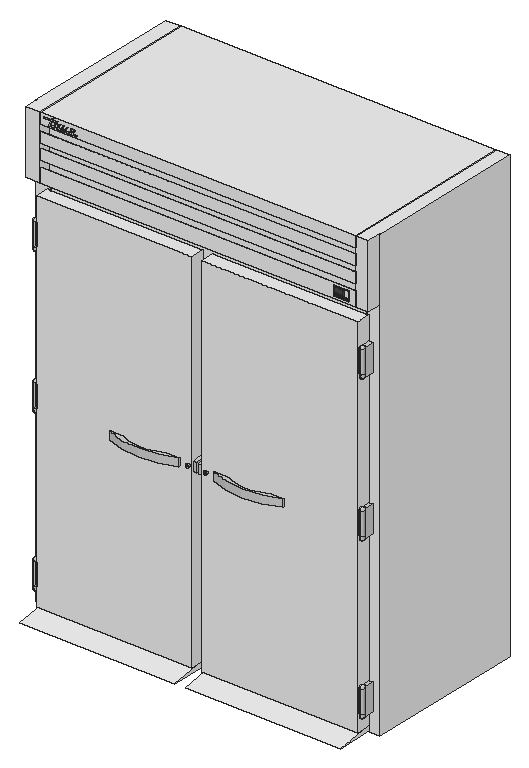
Revit family
Parameters
  Weight in Pounds = 0
  Watts = Volts * FL Amps  # 1357 W
  Volts = 115 V
  URL Cutsheet = "www.truemfg.com"
  URL = "www.truemfg.com"
  Type Mark [instance] = ""
  Type Comments = ""
  Status [instance] = ""
  Specification by User [instance] = ""
  Specification by Manufacturer = ""
  Show Logo [instance] = yes
  Show Clearance [instance] = yes
  Serial Number = ""
  Seismic Rating = ""
  SMACNA No = ""
  Revision Code [instance] = ""
  Phase = 1
  Omniclass Number and Title = ""
  Number of Poles [instance] = 1
  NAFEM Spec ID Number = ""
  Model = "STA2RRI89-2S"
  Min Ckt Ampacity = 0 A
  Max Overcurrent Protection = 0 A
  Masterspec = ""
  Manufacturer = "TRUE FOOD SERVICE EQUIPMENT, INC."
  Length = 68"
  Item Number [instance] = ""
  Installed By [instance] = ""
  Identify Quantity as Lot [instance] = yes
  Height = 88 3/4"
  HP = "1/2"
  Furnished By [instance] = ""
  Foodservice Equipment Identifier [instance] = yes
  FL Amps = 11.8 A
  Electrical Remarks [instance] = ""
  Electric Connection Type [instance] = ""
  Elec Conn RI Height [instance] = 0"
  Elec Conn Connection Height [instance] = 0"
  Description = "Roll-in Solid Swing Door Refrigerator"
  Depth = 34 3/4"
  Cycle = 60 Hz
  Conn Plug = "5-15P"
  Conn Conduit = yes
  CSI MasterFormat = ""
  CSI Master Format = ""
  Apparent Power = if(Phase = 3, Volts * FL Amps * 1.73, Volts * FL Amps)  # 1357 VA
Reference planes (in)
  plane 1 "BACK": y = 0
  plane 2: z = 0
  plane 3 "LEFT": x = 0
  plane 4 "RIGHT": x = 68
  plane 5 "FRONT": y = -34.75
  plane 6 "TOP": z = 88.75
  plane 7: x = 2.84375
  plane 8: y = -34.7042
  plane 9: x = 34
  plane 10: z = 73.75
Forms (in)
  Extrusion 1, solid, material "QF_Finishes_Chrome - Satin"
    sketch origin (0.05, 0, 0) x (1, 0, 0) y (0, 1, 0)
      loop
        line (-0.05, 0) -> (-0.05, -32) -> (2.87859, -32) -> (2.87859, 0) -> (-0.05, 0)
    from 0 to 88.75
  Extrusion 2, solid, material "QF_Finishes_Chrome - Satin"
    sketch origin (50.15, 0, 0) x (1, 0, 0) y (0, 1, 0)
      loop
        line (15.15, 0) -> (15.15, -32) -> (17.85, -32) -> (17.85, 0) -> (15.15, 0)
    from 0 to 88.75
  Extrusion 3, solid, material "QF_Finishes_Chrome - Satin"
    sketch origin (0, 0, 0) x (0, 1, 0) y (0, 0, 1)
      loop
        line (-34.7042, 76.28125) -> (-32, 76.28125) -> (-32, 0) -> (0, 0) -> (0, 88.75) -> (-34.7042, 88.75) -> (-34.7042, 86.65578) -> (-32.5, 85.08852) -> (-32.5, 83.96625) -> (-34.7042, 85.53351) -> (-34.7042, 83.3998) -> (-32.5, 81.83254) -> (-32.5, 80.87178) -> (-34.7042, 82.43904) -> (-34.7042, 80.34284) -> (-32.5, 78.77557) -> (-32.5, 77.5) -> (-34.7042, 79.06726) -> (-34.7042, 76.28125)
    from 2.92859 to 65.3
  Extrusion 4, solid, material "QF_Finishes_Chrome - Satin"
    sketch origin (0, 0, 0) x (1, 0, 0) y (0, 1, 0)
      loop
        line (67.84782, -32) -> (65.3, -32) -> (65.3, -34.75) -> (67.84782, -34.75) -> (67.84782, -32)
    from 76.28125 to 88.75
  Extrusion 5, solid, material "QF_Finishes_Chrome - Satin"
    sketch origin (-50.125, 0, 0.25) x (1, 0, 0) y (0, 1, 0)
      loop
        line (53.05359, -32) -> (50.24109, -32) -> (50.24109, -34.75) -> (53.05359, -34.75) -> (53.05359, -32)
    from 76.03125 to 88.5
  Extrusion 6, solid, material "QF_Finishes_Chrome - Satin"
    sketch origin (8.03125, -1, -0.71875) x (1, 0, 0) y (0, 0, 1)
      loop
        line (26.96875, 1.71875) -> (57.65625, 1.71875) -> (57.65625, 74.46875) -> (26.96875, 74.46875) -> (26.96875, 1.71875)
    from 31 to 33.75
  Extrusion 7, solid, material "QF_Finishes_Handrails and Railings"
    sketch origin (91.34375, -0.25, 24.93519) x (1, 0, 0) y (0, 1, 0)
      loop
        line (-53.875, -34.5) -> (-53.875, -34.7)
        arc (-53.875, -34.7) -> (-47.075, -36.14405) -> (-40.275, -34.7) r 16.7325
        line (-40.275, -34.7) -> (-40.275, -34.5) -> (-42.675, -34.5)
        arc (-42.675, -34.5) -> (-47.075, -35.65816) -> (-51.475, -34.5) r 8.93715
        line (-51.475, -34.5) -> (-53.875, -34.5)
    from 10.87731 to 12.37731
  Extrusion 8, solid, material "QF_Finishes_Handrails and Railings"
    sketch origin (9.34375, -1.08467, -3.5) x (1, 0, 0) y (0, 0, 1)
      loop
        circle (26.4375, 40.0625) r 0.35
      loop
        line (26.47265, 40.33635) -> (26.41715, 40.33635) -> (26.41715, 39.76895) -> (26.47265, 39.76895) -> (26.47265, 40.33635)
    from 33.5 to 33.83066
  Extrusion 9, solid, material "QF_Finishes_Handrails and Railings", visible <- "Show Logo"
    sketch origin (0.33478, 0.06376, 5.17482) x (1, 0, 0) y (0, 0, 1)
      loop
        line (3.46044, 83.08731) -> (3.35478, 82.86073) -> (4.76027, 82.86073)
        arc (4.76027, 82.86073) -> (4.78879, 82.81028) -> (4.76027, 82.75984) r 0.05887
        line (4.76027, 82.75984) -> (4.39369, 81.97372)
        arc (4.39369, 81.97372) -> (4.39051, 81.90091) -> (4.43975, 81.84717) r 0.09523
        line (4.43975, 81.84717) -> (5.33844, 81.84717)
        arc (5.33844, 81.84717) -> (5.45192, 81.88295) -> (5.52436, 81.97735) r 0.19785
        line (5.52436, 81.97735) -> (5.81285, 82.59601) -> (6.0779, 82.59601)
        arc (6.0779, 82.59601) -> (6.14744, 82.57043) -> (6.13737, 82.49703) r 0.05911
        line (6.13737, 82.49703) -> (5.89598, 81.97937)
        arc (5.89598, 81.97937) -> (5.89974, 81.8934) -> (5.97231, 81.84717) r 0.09318
        line (5.97231, 81.84717) -> (6.76198, 81.84717)
        arc (6.76198, 81.84717) -> (6.82249, 81.86919) -> (6.85468, 81.92495) r 0.09412
        arc (6.85468, 81.92495) -> (6.87746, 81.86995) -> (6.93246, 81.84717) r 0.07778
        line (6.93246, 81.84717) -> (7.43246, 81.84717)
        arc (7.43246, 81.84717) -> (7.49022, 81.86265) -> (7.53251, 81.90493) r 0.11552
        arc (7.53251, 81.90493) -> (7.55275, 81.85606) -> (7.60162, 81.83581) r 0.06912
        line (7.60162, 81.83581) -> (8.31225, 81.83581)
        arc (8.31225, 81.83581) -> (8.37034, 81.85988) -> (8.39441, 81.91797) r 0.08216
        arc (8.39441, 81.91797) -> (8.44767, 81.86472) -> (8.52042, 81.84522) r 0.14551
        line (8.52042, 81.84522) -> (9.85158, 81.84522) -> (9.99946, 82.10134) -> (8.65678, 82.10134)
        arc (8.65678, 82.10134) -> (8.61972, 82.12704) -> (8.61834, 82.17211) r 0.05009
        line (8.61834, 82.17211) -> (8.64157, 82.22192)
        arc (8.64157, 82.22192) -> (8.67723, 82.26864) -> (8.73327, 82.28635) r 0.09747
        line (8.73327, 82.28635) -> (9.16485, 82.28635)
        arc (9.16485, 82.28635) -> (9.258, 82.31131) -> (9.32619, 82.3795) r 0.1863
        line (9.32619, 82.3795) -> (9.45119, 82.59601)
        arc (9.45119, 82.59601) -> (9.45119, 82.71157) -> (9.35111, 82.76934) r 0.11556
        line (9.35111, 82.76934) -> (8.89562, 82.76934)
        arc (8.89562, 82.76934) -> (8.7795, 82.74962) -> (8.69849, 82.66412) r 0.18605
        line (8.69849, 82.66412) -> (8.48204, 82.19993)
        arc (8.48204, 82.19993) -> (8.41815, 82.11667) -> (8.31806, 82.08511) r 0.1745
        line (8.31806, 82.08511) -> (7.84559, 82.08511)
        arc (7.84559, 82.08511) -> (7.78903, 82.14684) -> (7.79268, 82.23048) r 0.10939
        line (7.79268, 82.23048) -> (8.04395, 82.76934) -> (7.88403, 82.76934) -> (7.61781, 82.19844)
        arc (7.61781, 82.19844) -> (7.56609, 82.13103) -> (7.48505, 82.10548) r 0.14128
        line (7.48505, 82.10548) -> (7.15925, 82.10548)
        arc (7.15925, 82.10548) -> (7.10419, 82.17723) -> (7.116, 82.26689) r 0.11816
        line (7.116, 82.26689) -> (7.3503, 82.76934) -> (7.18514, 82.76934) -> (6.91546, 82.191)
        arc (6.91546, 82.191) -> (6.85285, 82.12839) -> (6.76733, 82.10548) r 0.17104
        line (6.76733, 82.10548) -> (6.29555, 82.10548)
        arc (6.29555, 82.10548) -> (6.21082, 82.14499) -> (6.20267, 82.23813) r 0.0935
        line (6.20267, 82.23813) -> (6.35774, 82.57069) -> (6.57695, 82.57069)
        arc (6.57695, 82.57069) -> (6.61395, 82.68217) -> (6.69267, 82.76934) r 0.2857
        line (6.69267, 82.76934) -> (5.83605, 82.76934)
        arc (5.83605, 82.76934) -> (5.74086, 82.74824) -> (5.67498, 82.67635) r 0.16212
        line (5.67498, 82.67635) -> (5.44279, 82.17841)
        arc (5.44279, 82.17841) -> (5.3894, 82.12502) -> (5.31647, 82.10548) r 0.14586
        line (5.31647, 82.10548) -> (4.80506, 82.10548)
        arc (4.80506, 82.10548) -> (4.76514, 82.15942) -> (4.77274, 82.22609) r 0.09155
        line (4.77274, 82.22609) -> (5.11018, 82.86073) -> (5.96155, 82.86073) -> (6.06721, 83.08731) -> (5.21584, 83.08731) -> (5.32149, 83.31388) -> (5.01862, 83.31388) -> (4.91297, 83.08731) -> (3.46044, 83.08731)
      loop
        arc (8.83805, 82.56363) -> (8.80119, 82.55375) -> (8.7742, 82.52676) r 0.07373
        line (8.7742, 82.52676) -> (8.75229, 82.45936)
        arc (8.75229, 82.45936) -> (8.76245, 82.43483) -> (8.78699, 82.42466) r 0.0347
        line (8.78699, 82.42466) -> (9.15948, 82.42466)
        arc (9.15948, 82.42466) -> (9.18632, 82.43061) -> (9.20812, 82.44734) r 0.0635
        line (9.20812, 82.44734) -> (9.22624, 82.53122)
        arc (9.22624, 82.53122) -> (9.22091, 82.55368) -> (9.20009, 82.56363) r 0.02676
        line (9.20009, 82.56363) -> (8.83805, 82.56363)
    from 34.76797 to 34.83173
  Extrusion 10, solid, material "QF_Finishes_White"
    sketch origin (-22.74812, 0.0458, -7.83472) x (1, 0, 0) y (0, 0, 1)
      loop
        line (83.81732, 86.35727) -> (83.81732, 84.60996) -> (86.72357, 84.60996) -> (86.72357, 86.35727) -> (83.81732, 86.35727)
    from 34.75 to 34.76797
  Extrusion 11, solid, material "QF_Finishes_Black"
    sketch origin (-22.74812, 0.0458, -7.83472) x (1, 0, 0) y (0, 0, 1)
      loop
        line (86.78607, 86.41977) -> (83.75482, 86.41977) -> (83.75482, 84.54746) -> (86.78607, 84.54746) -> (86.78607, 86.41977)
      loop
        spline (83.95482, 84.87872) -> (83.96333, 84.86254) -> (83.98831, 84.84747) -> (84.02804, 84.83452) -> (84.07982, 84.82459) -> (84.14011, 84.81835) -> (84.20482, 84.81622) -> (84.26952, 84.81835) -> (84.32982, 84.82459) -> (84.38159, 84.83452) -> (84.42132, 84.84747) -> (84.4463, 84.86254) -> (84.45482, 84.87872)
        spline (84.45482, 84.87872) -> (84.4463, 84.89489) -> (84.42132, 84.90997) -> (84.38159, 84.92291) -> (84.32982, 84.93284) -> (84.26952, 84.93909) -> (84.20482, 84.94122) -> (84.14011, 84.93909) -> (84.07982, 84.93284) -> (84.02804, 84.92291) -> (83.98831, 84.90997) -> (83.96333, 84.89489) -> (83.95482, 84.87872)
      loop
        spline (84.65083, 84.87872) -> (84.65935, 84.86254) -> (84.68432, 84.84747) -> (84.72405, 84.83452) -> (84.77583, 84.82459) -> (84.83612, 84.81835) -> (84.90083, 84.81622) -> (84.96553, 84.81835) -> (85.02583, 84.82459) -> (85.07761, 84.83452) -> (85.11734, 84.84747) -> (85.14231, 84.86254) -> (85.15083, 84.87872)
        spline (85.15083, 84.87872) -> (85.14231, 84.89489) -> (85.11734, 84.90997) -> (85.07761, 84.92291) -> (85.02583, 84.93284) -> (84.96553, 84.93909) -> (84.90083, 84.94122) -> (84.83612, 84.93909) -> (84.77583, 84.93284) -> (84.72405, 84.92291) -> (84.68432, 84.90997) -> (84.65935, 84.89489) -> (84.65083, 84.87872)
      loop
        spline (85.40083, 84.87872) -> (85.40935, 84.86254) -> (85.43432, 84.84747) -> (85.47405, 84.83452) -> (85.52583, 84.82459) -> (85.58612, 84.81835) -> (85.65083, 84.81622) -> (85.71553, 84.81835) -> (85.77583, 84.82459) -> (85.82761, 84.83452) -> (85.86734, 84.84747) -> (85.89231, 84.86254) -> (85.90083, 84.87872)
        spline (85.90083, 84.87872) -> (85.89231, 84.89489) -> (85.86734, 84.90997) -> (85.82761, 84.92291) -> (85.77583, 84.93284) -> (85.71553, 84.93909) -> (85.65083, 84.94122) -> (85.58612, 84.93909) -> (85.52583, 84.93284) -> (85.47405, 84.92291) -> (85.43432, 84.90997) -> (85.40935, 84.89489) -> (85.40083, 84.87872)
      loop
        line (83.95481, 86.21978) -> (83.95481, 85.21978) -> (85.65433, 85.21978) -> (85.65433, 86.21978) -> (83.95481, 86.21978)
      loop
        line (86.72357, 86.35727) -> (83.81732, 86.35727) -> (83.81732, 84.60996) -> (86.72357, 84.60996) -> (86.72357, 86.35727)
      loop
        spline (86.15083, 84.87872) -> (86.15935, 84.86254) -> (86.18432, 84.84747) -> (86.22405, 84.83452) -> (86.27583, 84.82459) -> (86.33612, 84.81835) -> (86.40083, 84.81622) -> (86.46553, 84.81835) -> (86.52583, 84.82459) -> (86.57761, 84.83452) -> (86.61734, 84.84747) -> (86.64231, 84.86254) -> (86.65083, 84.87872)
        spline (86.65083, 84.87872) -> (86.64231, 84.89489) -> (86.61734, 84.90997) -> (86.57761, 84.92291) -> (86.52583, 84.93284) -> (86.46553, 84.93909) -> (86.40083, 84.94122) -> (86.33612, 84.93909) -> (86.27583, 84.93284) -> (86.22405, 84.92291) -> (86.18432, 84.90997) -> (86.15935, 84.89489) -> (86.15083, 84.87872)
    from 34.76797 to 34.80335
  Extrusion 12, solid
    sketch origin (-25.125, 0, 0) x (1, 0, 0) y (0, 0, 1)
      loop
        circle (89.875, 86.625) r 0.25
    from 0 to 0.0625
  Blend 13, solid, material "QF_Finishes_Handrails and Railings"
    base sketch origin (60.25, -1, -1.5) x (-1, 0, 0) y (0, 0, -1)
      loop
        line (25.25, -38.99169) -> (26, -38.99169) -> (26, -37.24169) -> (25.25, -37.24169) -> (25.25, -38.99169)
    top sketch origin (60.25, 0, -1.5) x (-1, 0, 0) y (0, 0, -1)
      loop
        line (26.18223, -36.6441) -> (25.25, -36.6441) -> (25.25, -39.42643) -> (26.18223, -39.42643) -> (26.18223, -36.6441)
    from 33.57883 to 32
  Extrusion 14, solid, material "QF_Finishes_Handrails and Railings"
    sketch origin (66.78125, 0, 0) x (0, 1, 0) y (0, 0, -1)
      loop
        line (-32, -69.17729) -> (-32, -63.86127) -> (-34.25, -63.86127) -> (-34.25, -64.57348) -> (-33.81497, -64.57348) -> (-33.81497, -68.97276)
        arc (-33.81497, -68.97276) -> (-33.75506, -69.11738) -> (-33.61044, -69.17729) r 0.20453
        line (-33.61044, -69.17729) -> (-32, -69.17729)
    from 0.17506 to 1
  Revolve 15, solid, material "QF_Finishes_Handrails and Railings"
    sketch origin (66.28125, 0, 0) x (0, 1, 0) y (0, 0, -1)
      loop
        line (-34.26563, -64.62689) -> (-34.67229, -64.62689) -> (-34.67229, -69.0986)
        arc (-34.67229, -69.0986) -> (-34.53722, -69.35057) -> (-34.26563, -69.43983) r 0.3848
        line (-34.26563, -69.43983) -> (-34.26563, -64.62689)
      loop
        line (-34.26563, -64.57348) -> (-34.26563, -63.67281)
        arc (-34.26563, -63.67281) -> (-34.53264, -63.75883) -> (-34.67229, -64.00212) r 0.38884
        line (-34.67229, -64.00212) -> (-34.67229, -64.57348) -> (-34.26563, -64.57348)
      axis (-34.26563, -63.67281) -> (-34.26563, -69.43983)
    angle from 0 to 360
  Extrusion 16, solid, material "QF_Finishes_Handrails and Railings"
    sketch origin (27.5, -1.07734, 0.0011) x (-1, 0, 0) y (0, 0, -1)
      loop
        line (-38.58509, -69.0986) -> (-38.1875, -69.0986) -> (-38.1875, -64.62579) -> (-38.58509, -64.62579) -> (-38.58509, -69.0986)
    from 32.81497 to 33.59495
  Extrusion 17, solid, material "QF_Finishes_Handrails and Railings"
    sketch origin (66.78125, 0, -24) x (0, 1, 0) y (0, 0, -1)
      loop
        line (-32, -64.55229) -> (-32, -59.23627) -> (-34.25, -59.23627) -> (-34.25, -59.94848) -> (-33.81497, -59.94848) -> (-33.81497, -64.34776)
        arc (-33.81497, -64.34776) -> (-33.75506, -64.49238) -> (-33.61044, -64.55229) r 0.20453
        line (-33.61044, -64.55229) -> (-32, -64.55229)
    from 0.17506 to 1
  Revolve 18, solid, material "QF_Finishes_Handrails and Railings"
    sketch origin (66.28125, 0, -24) x (0, 1, 0) y (0, 0, -1)
      loop
        line (-34.26563, -60.00189) -> (-34.67229, -60.00189) -> (-34.67229, -64.4736)
        arc (-34.67229, -64.4736) -> (-34.53722, -64.72557) -> (-34.26563, -64.81483) r 0.3848
        line (-34.26563, -64.81483) -> (-34.26563, -60.00189)
      loop
        line (-34.26563, -59.94848) -> (-34.26563, -59.04781)
        arc (-34.26563, -59.04781) -> (-34.53264, -59.13383) -> (-34.67229, -59.37712) r 0.38884
        line (-34.67229, -59.37712) -> (-34.67229, -59.94848) -> (-34.26563, -59.94848)
      axis (-34.26563, -59.04781) -> (-34.26563, -64.81483)
    angle from 0 to 360
  Extrusion 19, solid, material "QF_Finishes_Handrails and Railings"
    sketch origin (27.5, -1.07734, -23.9989) x (-1, 0, 0) y (0, 0, -1)
      loop
        line (-38.58509, -64.4736) -> (-38.1875, -64.4736) -> (-38.1875, -60.00079) -> (-38.58509, -60.00079) -> (-38.58509, -64.4736)
    from 32.81497 to 33.59495
  Extrusion 20, solid, material "QF_Finishes_Handrails and Railings"
    sketch origin (66.78125, 0, -55.5) x (0, 1, 0) y (0, 0, -1)
      loop
        line (-32, -64.55229) -> (-32, -59.23627) -> (-34.25, -59.23627) -> (-34.25, -59.94848) -> (-33.81497, -59.94848) -> (-33.81497, -64.34776)
        arc (-33.81497, -64.34776) -> (-33.75506, -64.49238) -> (-33.61044, -64.55229) r 0.20453
        line (-33.61044, -64.55229) -> (-32, -64.55229)
    from 0.17506 to 1
  Revolve 21, solid, material "QF_Finishes_Handrails and Railings"
    sketch origin (66.28125, 0, -55.5) x (0, 1, 0) y (0, 0, -1)
      loop
        line (-34.26563, -60.00189) -> (-34.67229, -60.00189) -> (-34.67229, -64.4736)
        arc (-34.67229, -64.4736) -> (-34.53722, -64.72557) -> (-34.26563, -64.81483) r 0.3848
        line (-34.26563, -64.81483) -> (-34.26563, -60.00189)
      loop
        line (-34.26563, -59.94848) -> (-34.26563, -59.04781)
        arc (-34.26563, -59.04781) -> (-34.53264, -59.13383) -> (-34.67229, -59.37712) r 0.38884
        line (-34.67229, -59.37712) -> (-34.67229, -59.94848) -> (-34.26563, -59.94848)
      axis (-34.26563, -59.04781) -> (-34.26563, -64.81483)
    angle from 0 to 360
  Extrusion 22, solid, material "QF_Finishes_Handrails and Railings"
    sketch origin (27.5, -1.07734, -55.4989) x (-1, 0, 0) y (0, 0, -1)
      loop
        line (-38.58509, -64.4736) -> (-38.1875, -64.4736) -> (-38.1875, -60.00079) -> (-38.58509, -60.00079) -> (-38.58509, -64.4736)
    from 32.81497 to 33.59495
  Extrusion 23, solid, material "QF_Finishes_Chrome - Satin"
    sketch origin (65.6875, -1, 1) x (0, 0, 1) y (0, -1, 0)
      loop
        line (-1, 37.875) -> (-1, 31) -> (0, 31) -> (-1, 37.875)
    from 0 to -30.6875
  Extrusion 24, solid, material "QF_Finishes_Chrome - Satin"
    sketch origin (59.96875, -1, -0.71875) x (-1, 0, 0) y (0, 0, -1)
      loop
        line (26.96875, -1.71875) -> (26.96875, -74.46875) -> (57.65625, -74.46875) -> (57.65625, -1.71875) -> (26.96875, -1.71875)
    from 31 to 33.75
  Extrusion 25, solid, material "QF_Finishes_Handrails and Railings"
    sketch origin (-23.34375, -0.25, 24.93519) x (1, 0, 0) y (0, 1, 0)
      loop
        line (53.875, -34.5) -> (51.475, -34.5)
        arc (51.475, -34.5) -> (47.075, -35.65816) -> (42.675, -34.5) r 8.93715
        line (42.675, -34.5) -> (40.275, -34.5) -> (40.275, -34.7)
        arc (40.275, -34.7) -> (47.075, -36.14405) -> (53.875, -34.7) r 16.7325
        line (53.875, -34.7) -> (53.875, -34.5)
    from 10.87731 to 12.37731
  Extrusion 26, solid, material "QF_Finishes_Handrails and Railings"
    sketch origin (58.65625, -1.08467, -3.5) x (-1, 0, 0) y (0, 0, -1)
      loop
        circle (26.4375, -40.0625) r 0.35
      loop
        line (26.47265, -40.33635) -> (26.47265, -39.76895) -> (26.41715, -39.76895) -> (26.41715, -40.33635) -> (26.47265, -40.33635)
    from 33.5 to 33.83066
  Blend 27, solid, material "QF_Finishes_Handrails and Railings"
    base sketch origin (7.75, -1, -1.5) x (1, 0, 0) y (0, 0, 1)
      loop
        line (25.25, 38.99169) -> (25.25, 37.24169) -> (26, 37.24169) -> (26, 38.99169) -> (25.25, 38.99169)
    top sketch origin (7.75, 0, -1.5) x (1, 0, 0) y (0, 0, 1)
      loop
        line (26.18223, 36.6441) -> (26.18223, 39.42643) -> (25.25, 39.42643) -> (25.25, 36.6441) -> (26.18223, 36.6441)
    from 33.57883 to 32
  Extrusion 28, solid, material "QF_Finishes_Handrails and Railings"
    sketch origin (1.21875, 0, 0) x (0, 1, 0) y (0, 0, 1)
      loop
        line (-32, 69.17729) -> (-33.61044, 69.17729)
        arc (-33.61044, 69.17729) -> (-33.75506, 69.11738) -> (-33.81497, 68.97276) r 0.20453
        line (-33.81497, 68.97276) -> (-33.81497, 64.57348) -> (-34.25, 64.57348) -> (-34.25, 63.86127) -> (-32, 63.86127) -> (-32, 69.17729)
    from 0.17506 to 1
  Revolve 29, solid, material "QF_Finishes_Handrails and Railings"
    sketch origin (1.71875, 0, 0) x (0, 1, 0) y (0, 0, 1)
      loop
        line (-34.26563, 64.62689) -> (-34.26563, 69.43983)
        arc (-34.26563, 69.43983) -> (-34.53722, 69.35057) -> (-34.67229, 69.0986) r 0.3848
        line (-34.67229, 69.0986) -> (-34.67229, 64.62689) -> (-34.26563, 64.62689)
      loop
        line (-34.26563, 64.57348) -> (-34.67229, 64.57348) -> (-34.67229, 64.00212)
        arc (-34.67229, 64.00212) -> (-34.53264, 63.75883) -> (-34.26563, 63.67281) r 0.38884
        line (-34.26563, 63.67281) -> (-34.26563, 64.57348)
      axis (-34.26563, 63.67281) -> (-34.26563, 69.43983)
    angle from 0 to 360
  Extrusion 30, solid, material "QF_Finishes_Handrails and Railings"
    sketch origin (40.5, -1.07734, 0.0011) x (1, 0, 0) y (0, 0, 1)
      loop
        line (-38.58509, 69.0986) -> (-38.58509, 64.62579) -> (-38.1875, 64.62579) -> (-38.1875, 69.0986) -> (-38.58509, 69.0986)
    from 32.81497 to 33.59495
  Extrusion 31, solid, material "QF_Finishes_Handrails and Railings"
    sketch origin (1.21875, 0, -24) x (0, 1, 0) y (0, 0, 1)
      loop
        line (-32, 64.55229) -> (-33.61044, 64.55229)
        arc (-33.61044, 64.55229) -> (-33.75506, 64.49238) -> (-33.81497, 64.34776) r 0.20453
        line (-33.81497, 64.34776) -> (-33.81497, 59.94848) -> (-34.25, 59.94848) -> (-34.25, 59.23627) -> (-32, 59.23627) -> (-32, 64.55229)
    from 0.17506 to 1
  Revolve 32, solid, material "QF_Finishes_Handrails and Railings"
    sketch origin (1.71875, 0, -24) x (0, 1, 0) y (0, 0, 1)
      loop
        line (-34.26563, 60.00189) -> (-34.26563, 64.81483)
        arc (-34.26563, 64.81483) -> (-34.53722, 64.72557) -> (-34.67229, 64.4736) r 0.3848
        line (-34.67229, 64.4736) -> (-34.67229, 60.00189) -> (-34.26563, 60.00189)
      loop
        line (-34.26563, 59.94848) -> (-34.67229, 59.94848) -> (-34.67229, 59.37712)
        arc (-34.67229, 59.37712) -> (-34.53264, 59.13383) -> (-34.26563, 59.04781) r 0.38884
        line (-34.26563, 59.04781) -> (-34.26563, 59.94848)
      axis (-34.26563, 59.04781) -> (-34.26563, 64.81483)
    angle from 0 to 360
  Extrusion 33, solid, material "QF_Finishes_Handrails and Railings"
    sketch origin (40.5, -1.07734, -23.9989) x (1, 0, 0) y (0, 0, 1)
      loop
        line (-38.58509, 64.4736) -> (-38.58509, 60.00079) -> (-38.1875, 60.00079) -> (-38.1875, 64.4736) -> (-38.58509, 64.4736)
    from 32.81497 to 33.59495
  Extrusion 34, solid, material "QF_Finishes_Handrails and Railings"
    sketch origin (1.21875, 0, -55.5) x (0, 1, 0) y (0, 0, 1)
      loop
        line (-32, 64.55229) -> (-33.61044, 64.55229)
        arc (-33.61044, 64.55229) -> (-33.75506, 64.49238) -> (-33.81497, 64.34776) r 0.20453
        line (-33.81497, 64.34776) -> (-33.81497, 59.94848) -> (-34.25, 59.94848) -> (-34.25, 59.23627) -> (-32, 59.23627) -> (-32, 64.55229)
    from 0.17506 to 1
  Revolve 35, solid, material "QF_Finishes_Handrails and Railings"
    sketch origin (1.71875, 0, -55.5) x (0, 1, 0) y (0, 0, 1)
      loop
        line (-34.26563, 60.00189) -> (-34.26563, 64.81483)
        arc (-34.26563, 64.81483) -> (-34.53722, 64.72557) -> (-34.67229, 64.4736) r 0.3848
        line (-34.67229, 64.4736) -> (-34.67229, 60.00189) -> (-34.26563, 60.00189)
      loop
        line (-34.26563, 59.94848) -> (-34.67229, 59.94848) -> (-34.67229, 59.37712)
        arc (-34.67229, 59.37712) -> (-34.53264, 59.13383) -> (-34.26563, 59.04781) r 0.38884
        line (-34.26563, 59.04781) -> (-34.26563, 59.94848)
      axis (-34.26563, 59.04781) -> (-34.26563, 64.81483)
    angle from 0 to 360
  Extrusion 36, solid, material "QF_Finishes_Handrails and Railings"
    sketch origin (40.5, -1.07734, -55.4989) x (1, 0, 0) y (0, 0, 1)
      loop
        line (-38.58509, 64.4736) -> (-38.58509, 60.00079) -> (-38.1875, 60.00079) -> (-38.1875, 64.4736) -> (-38.58509, 64.4736)
    from 32.81497 to 33.59495
  Extrusion 37, solid, material "QF_Finishes_Chrome - Satin"
    sketch origin (2.3125, -1, 1) x (0, 0, 1) y (0, 1, 0)
      loop
        line (-1, -37.875) -> (0, -31) -> (-1, -31) -> (-1, -37.875)
    from 0 to -30.6875
  Extrusion 38, solid, material "QF_Finishes_Door Clearance", visible <- "Show Clearance", detail levels coarse
    sketch origin (32.71875, -1, 1) x (0, 1, 0) y (1, 0, 0)
      loop
        line (-33.75, -30.40625) -> (-33.75, 0.28125)
        arc (-33.75, 0.28125) -> (-55.44934, -8.70691) -> (-64.4375, -30.40625) r 30.6875
        line (-64.4375, -30.40625) -> (-33.75, -30.40625)
      loop
        line (-33.75, 32.96875) -> (-64.4375, 32.96875)
        arc (-64.4375, 32.96875) -> (-55.44934, 11.26941) -> (-33.75, 2.28125) r 30.6875
        line (-33.75, 2.28125) -> (-33.75, 32.96875)
    from 0 to -72.75
Cuts and joins
  joined: Extrusion 1, Extrusion 2, Extrusion 4, Extrusion 5
Lines and regions (in)
  symbolic lines
    curve 1: line (0, 0, 0) -> (68, 0, 0)
    curve 2: line (0, -34.75, 0) -> (0, 0, 0)
    curve 3: line (68, -34.75, 0) -> (0, -34.75, 0)
    curve 4: line (68, 0, 0) -> (68, -34.75, 0)
    curve 5: line (68, -32.5, 0) -> (0, -32.5, 0)
    curve 6: arc (28.13125, -34.75, 0) -> (23.73125, -35.90816, 0) -> (19.33125, -34.75, 0) r 8.93715
    curve 7: arc (16.93125, -34.95, 0) -> (23.73125, -36.39405, 0) -> (30.53125, -34.95, 0) r 16.7325
    curve 8: line (16.93125, -34.75, 0) -> (16.93125, -34.95, 0)
    curve 9: line (30.53125, -34.95, 0) -> (30.53125, -34.75, 0)
    curve 10: arc (48.66875, -34.75, 0) -> (44.26875, -35.90816, 0) -> (39.86875, -34.75, 0) r 8.93715
    curve 11: arc (37.46875, -34.95, 0) -> (44.26875, -36.39405, 0) -> (51.06875, -34.95, 0) r 16.7325
    curve 12: line (37.46875, -34.75, 0) -> (37.46875, -34.95, 0)
    curve 13: line (51.06875, -34.95, 0) -> (51.06875, -34.75, 0)
  symbolic lines, style "QF_Door Swings", visible <- "Show Clearance", detail levels coarse
    curve 14: line (2.3125, -34.75, 0) -> (2.3125, -65.4375, 0)
    curve 15: arc (33, -34.75, 0) -> (24.01184, -56.44934, 0) -> (2.3125, -65.4375, 0) r 30.6875
    curve 16: arc (65.6875, -65.4375, 0) -> (43.98816, -56.44934, 0) -> (35, -34.75, 0) r 30.6875
    curve 17: line (65.6875, -65.4375, 0) -> (65.6875, -34.75, 0)
Dimensions and locks (in)
  "Depth": plane 5 "FRONT" to plane 1 "BACK"
  "Height": plane 6 "TOP" to level
  Extrusion 6 sketch curve to Extrusion 6 sketch curve = 30 11/16"
  Extrusion 6 to plane 1 "BACK" = 34 3/4"
  "Length": plane 3 "LEFT" to plane 4 "RIGHT"
  plane 4 "RIGHT" to plane 3 "LEFT" = 68"
  equal spacing: plane 3 "LEFT", plane 9, plane 4 "RIGHT"
  Extrusion 24 sketch curve to Extrusion 24 sketch curve = 30 11/16"
  plane 10 to level = 73 3/4"
  aligned and locked: level to plane 2
Automatic sketch dimensions
  plane 1 "BACK" to curve 1 = 0"
  curve 1 to plane 3 "LEFT" = 0"
  plane 5 "FRONT" to curve 8 = 0"
  curve 4 to plane 4 "RIGHT" = 0"
  plane 5 "FRONT" to curve 7 = 0.2"
  plane 7 to curve 7 = 14.0875"
  curve 8 to curve 6 = 2.4"
  curve 6 to curve 6 = 4.4"
  curve 7 to curve 6 = 0"
  plane 5 "FRONT" to curve 9 = 0.2"
  plane 5 "FRONT" to curve 12 = 0.2"
  curve 12 to plane 9 = 3 15/32"
  curve 12 to curve 10 = 2.4"
  curve 10 to curve 10 = 4.4"
  curve 11 to curve 10 = 0"
  plane 5 "FRONT" to curve 11 = 0.2"
  curve 5 to plane 5 "FRONT" = 2 1/4"
  curve 10 to plane 5 "FRONT" = 7.77899"
  curve 6 to plane 5 "FRONT" = 7.77899"
  curve 10 to curve 11 = 7.30945"
  curve 6 to curve 7 = 7.30945"
  Extrusion 1 sketch curve to plane 3 "LEFT" = 0"
  plane 1 "BACK" to Extrusion 1 sketch curve = 0"
  plane 7 to Extrusion 1 sketch curve = 0.08484"
  Extrusion 1 sketch curve to plane 5 "FRONT" = 2 3/4"
  plane 1 "BACK" to Extrusion 2 sketch curve = 0"
  Extrusion 2 sketch curve to plane 4 "RIGHT" = 0"
  Extrusion 2 sketch curve to plane 4 "RIGHT" = 2.7"
  Extrusion 2 sketch curve to plane 5 "FRONT" = 2 3/4"
  Extrusion 3 sketch curve to plane 8 = 0"  (x4)
  Extrusion 3 sketch curve to level = 0"
  Extrusion 3 sketch curve to plane 6 "TOP" = 0"
  plane 8 to Extrusion 3 sketch curve = 2.2042"  (x2)
  Extrusion 3 sketch curve to Extrusion 3 sketch curve = 0"
  Extrusion 3 sketch curve to Extrusion 3 sketch curve = 1/2"
  plane 1 "BACK" to Extrusion 3 sketch curve = 0"
  Extrusion 3 sketch curve to plane 6 "TOP" = 12 15/32"
  Extrusion 3 sketch curve to Extrusion 3 sketch curve = 1 7/32"
  Extrusion 3 sketch curve to Extrusion 3 sketch curve = 1.27557"  (x2)
  Extrusion 3 sketch curve to Extrusion 3 sketch curve = 0.29169"
  Extrusion 3 sketch curve to Extrusion 3 sketch curve = 2.0962"  (x2)
  Extrusion 3 sketch curve to Extrusion 3 sketch curve = 0.96076"  (x2)
  Extrusion 3 sketch curve to Extrusion 3 sketch curve = 2.13371"  (x2)
  Extrusion 3 sketch curve to Extrusion 3 sketch curve = 1.12227"  (x2)
  plane 5 "FRONT" to Extrusion 4 sketch curve = 0"
  Extrusion 4 sketch curve to plane 4 "RIGHT" = 2.7"
  Extrusion 4 sketch curve to plane 4 "RIGHT" = 0.15218"
  Extrusion 4 sketch curve to plane 5 "FRONT" = 2 3/4"
  plane 5 "FRONT" to Extrusion 5 sketch curve = 0"
  plane 3 "LEFT" to Extrusion 5 sketch curve = 0.11609"
  plane 7 to Extrusion 5 sketch curve = 0.08484"
  Extrusion 5 sketch curve to plane 5 "FRONT" = 2 3/4"
  Extrusion 6 sketch curve to plane 9 = 1"
  level to Extrusion 6 sketch curve = 1"
  Extrusion 6 sketch curve to plane 6 "TOP" = 15"
  plane 5 "FRONT" to Extrusion 7 sketch curve = 0"  (x2)
  Extrusion 7 sketch curve to plane 9 = 3 15/32"
  Extrusion 7 sketch curve to Extrusion 7 sketch curve = 2.4"  (x2)
  Extrusion 7 sketch curve to Extrusion 7 sketch curve = 4.4"
  Extrusion 7 sketch curve to Extrusion 7 sketch curve = 0"
  Extrusion 7 sketch curve to Extrusion 7 sketch curve = 0.2"
  Extrusion 7 sketch curve to plane 5 "FRONT" = 7.77899"
  Extrusion 7 sketch curve to Extrusion 7 sketch curve = 7.30945"
  Extrusion 8 sketch curve to plane 9 = 1.7609"
  Extrusion 8 sketch curve to Extrusion 8 sketch curve = 0.02035"
  Extrusion 8 sketch curve to Extrusion 8 sketch curve = 0.0555"
  level to Extrusion 8 sketch curve = 36.26895"
  Extrusion 8 sketch curve to Extrusion 8 sketch curve = 0.29355"
  Extrusion 8 sketch curve to Extrusion 8 sketch curve = 0.27385"
  plane 7 to Extrusion 9 sketch curve = 0.84582"
  Extrusion 9 sketch curve to Extrusion 9 sketch curve = 0.10565"  (x5)
  Extrusion 9 sketch curve to Extrusion 9 sketch curve = 1.03891"
  Extrusion 9 sketch curve to Extrusion 9 sketch curve = 0.04606"
  Extrusion 9 sketch curve to Extrusion 9 sketch curve = 0.08631"
  Extrusion 9 sketch curve to Extrusion 9 sketch curve = 0.33624"
  Extrusion 9 sketch curve to Extrusion 9 sketch curve = 0.03034"  (x2)
  Extrusion 9 sketch curve to Extrusion 9 sketch curve = 0.29274"
  Extrusion 9 sketch curve to Extrusion 9 sketch curve = 0.03232"
  Extrusion 9 sketch curve to Extrusion 9 sketch curve = 0.04851"
  Extrusion 9 sketch curve to plane 6 "TOP" = 0.48787"
  Extrusion 9 sketch curve to Extrusion 9 sketch curve = 0.1527"
  Extrusion 9 sketch curve to plane 6 "TOP" = 0.2613"
  Extrusion 9 sketch curve to Extrusion 9 sketch curve = 0.19721"
  Extrusion 9 sketch curve to Extrusion 9 sketch curve = 0.4629"
  Extrusion 9 sketch curve to Extrusion 9 sketch curve = 0.02197"
  Extrusion 9 sketch curve to Extrusion 9 sketch curve = 0.12632"
  Extrusion 9 sketch curve to Extrusion 9 sketch curve = 0.18591"
  Extrusion 9 sketch curve to plane 6 "TOP" = 0.89883"
  Extrusion 9 sketch curve to Extrusion 9 sketch curve = 0.2322"
  Extrusion 9 sketch curve to Extrusion 9 sketch curve = 0.13786"
  Extrusion 9 sketch curve to Extrusion 9 sketch curve = 0.00907"
  Extrusion 9 sketch curve to Extrusion 9 sketch curve = 0.01413"
  Extrusion 9 sketch curve to Extrusion 9 sketch curve = 0.37162"
  Extrusion 9 sketch curve to plane 6 "TOP" = 0.71445"
  Extrusion 9 sketch curve to Extrusion 9 sketch curve = 0.12551"
  Extrusion 9 sketch curve to Extrusion 9 sketch curve = 0.07633"
  Extrusion 9 sketch curve to Extrusion 9 sketch curve = 0.08445"
  Extrusion 9 sketch curve to Extrusion 9 sketch curve = 0.25598"
  Extrusion 9 sketch curve to Extrusion 9 sketch curve = 0.01887"
  Extrusion 9 sketch curve to Extrusion 9 sketch curve = 0.04061"
  Extrusion 9 sketch curve to plane 6 "TOP" = 1.33705"
  Extrusion 9 sketch curve to Extrusion 9 sketch curve = 0.0653"
  Extrusion 9 sketch curve to Extrusion 9 sketch curve = 0.08474"
  Extrusion 9 sketch curve to Extrusion 9 sketch curve = 0.00815"
  Extrusion 9 sketch curve to Extrusion 9 sketch curve = 0.22037"
  Extrusion 9 sketch curve to Extrusion 9 sketch curve = 0.21921"
  Extrusion 9 sketch curve to Extrusion 9 sketch curve = 0.11572"
  Extrusion 9 sketch curve to Extrusion 9 sketch curve = 0.46643"
  Extrusion 9 sketch curve to Extrusion 9 sketch curve = 0.00535"
  Extrusion 9 sketch curve to Extrusion 9 sketch curve = 0.09269"
  Extrusion 9 sketch curve to Extrusion 9 sketch curve = 0.09348"
  Extrusion 9 sketch curve to Extrusion 9 sketch curve = 0.14812"
  Extrusion 9 sketch curve to Extrusion 9 sketch curve = 0.07778"
  Extrusion 9 sketch curve to Extrusion 9 sketch curve = 0.20054"
  Extrusion 9 sketch curve to Extrusion 9 sketch curve = 0.04325"
  Extrusion 9 sketch curve to plane 6 "TOP" = 0.80584"  (x2)
  Extrusion 9 sketch curve to Extrusion 9 sketch curve = 0.32433"
  Extrusion 9 sketch curve to Extrusion 9 sketch curve = 0.10233"  (x2)
  Extrusion 9 sketch curve to Extrusion 9 sketch curve = 0.16515"
  Extrusion 9 sketch curve to Extrusion 9 sketch curve = 0.27321"
  Extrusion 9 sketch curve to Extrusion 9 sketch curve = 0.0526"
  Extrusion 9 sketch curve to Extrusion 9 sketch curve = 0.10005"
  Extrusion 9 sketch curve to Extrusion 9 sketch curve = 0.06912"
  Extrusion 9 sketch curve to Extrusion 9 sketch curve = 0.13276"
  Extrusion 9 sketch curve to plane 6 "TOP" = 1.3447"
  Extrusion 9 sketch curve to Extrusion 9 sketch curve = 0.17486"
  Extrusion 9 sketch curve to Extrusion 9 sketch curve = 0.05291"
  Extrusion 9 sketch curve to Extrusion 9 sketch curve = 0.53374"
  Extrusion 9 sketch curve to Extrusion 9 sketch curve = 0.09914"
  Extrusion 9 sketch curve to Extrusion 9 sketch curve = 0.15992"
  Extrusion 9 sketch curve to Extrusion 9 sketch curve = 0.46666"
  Extrusion 9 sketch curve to Extrusion 9 sketch curve = 0.00582"
  Extrusion 9 sketch curve to Extrusion 9 sketch curve = 0.08216"
  Extrusion 9 sketch curve to Extrusion 9 sketch curve = 0.16397"
  Extrusion 9 sketch curve to Extrusion 9 sketch curve = 0.12601"
  Extrusion 9 sketch curve to plane 6 "TOP" = 1.40307"
  Extrusion 9 sketch curve to Extrusion 9 sketch curve = 0.1363"
  Extrusion 9 sketch curve to plane 6 "TOP" = 1.35326"
  Extrusion 9 sketch curve to Extrusion 9 sketch curve = 0.02323"
  Extrusion 9 sketch curve to Extrusion 9 sketch curve = 0.03844"
  Extrusion 9 sketch curve to Extrusion 9 sketch curve = 0.0454"
  Extrusion 9 sketch curve to Extrusion 9 sketch curve = 0.05693"
  Extrusion 9 sketch curve to Extrusion 9 sketch curve = 0.0917"
  Extrusion 9 sketch curve to Extrusion 9 sketch curve = 0.01902"
  Extrusion 9 sketch curve to Extrusion 9 sketch curve = 0.02191"
  Extrusion 9 sketch curve to Extrusion 9 sketch curve = 0.0347"
  Extrusion 9 sketch curve to Extrusion 9 sketch curve = 0.06385"
  Extrusion 9 sketch curve to Extrusion 9 sketch curve = 0.02906"
  Extrusion 9 sketch curve to Extrusion 9 sketch curve = 0.02851"
  Extrusion 9 sketch curve to Extrusion 9 sketch curve = 0.29237"
  Extrusion 9 sketch curve to Extrusion 9 sketch curve = 0.00537"
  Extrusion 9 sketch curve to Extrusion 9 sketch curve = 0.0406"
  Extrusion 9 sketch curve to plane 6 "TOP" = 1.12784"
  Extrusion 9 sketch curve to Extrusion 9 sketch curve = 0.04327"
  Extrusion 9 sketch curve to Extrusion 9 sketch curve = 0.02615"
  Extrusion 9 sketch curve to plane 6 "TOP" = 1.19568"
  Extrusion 9 sketch curve to Extrusion 9 sketch curve = 0.11806"
  Extrusion 9 sketch curve to Extrusion 9 sketch curve = 0.15103"
  Extrusion 9 sketch curve to Extrusion 9 sketch curve = 0.10007"
  Extrusion 9 sketch curve to Extrusion 9 sketch curve = 0.5254"
  Extrusion 9 sketch curve to plane 6 "TOP" = 1.47384"
  Extrusion 9 sketch curve to Extrusion 9 sketch curve = 0.14787"
  Extrusion 9 sketch curve to Extrusion 9 sketch curve = 0.14537"
  Extrusion 9 sketch curve to Extrusion 9 sketch curve = 0.63134"
  Extrusion 9 sketch curve to Extrusion 9 sketch curve = 0.11061"
  Extrusion 9 sketch curve to Extrusion 9 sketch curve = 0.25876"
  Extrusion 9 sketch curve to Extrusion 9 sketch curve = 0.06767"
  Extrusion 9 sketch curve to Extrusion 9 sketch curve = 0.12655"
  Extrusion 9 sketch curve to Extrusion 9 sketch curve = 0.12242"
  Extrusion 9 sketch curve to Extrusion 9 sketch curve = 0.29684"
  Extrusion 9 sketch curve to Extrusion 9 sketch curve = 0.03938"
  Extrusion 9 sketch curve to Extrusion 9 sketch curve = 0.06046"
  Extrusion 9 sketch curve to Extrusion 9 sketch curve = 0.13266"
  Extrusion 9 sketch curve to Extrusion 9 sketch curve = 0.14279"
  Extrusion 9 sketch curve to Extrusion 9 sketch curve = 0.07293"
  Extrusion 9 sketch curve to Extrusion 9 sketch curve = 0.07764"
  Extrusion 9 sketch curve to Extrusion 9 sketch curve = 0.03794"
  Extrusion 9 sketch curve to Extrusion 9 sketch curve = 0.08552"
  Extrusion 9 sketch curve to Extrusion 9 sketch curve = 0.09296"
  Extrusion 9 sketch curve to Extrusion 9 sketch curve = 0.02781"
  Extrusion 9 sketch curve to Extrusion 9 sketch curve = 0.04799"
  Extrusion 9 sketch curve to Extrusion 9 sketch curve = 0.03054"
  Extrusion 9 sketch curve to Extrusion 9 sketch curve = 0.2589"
  Extrusion 9 sketch curve to Extrusion 9 sketch curve = 0.0674"
  Extrusion 9 sketch curve to Extrusion 9 sketch curve = 0.0324"
  Extrusion 9 sketch curve to Extrusion 9 sketch curve = 0.26185"
  Extrusion 9 sketch curve to Extrusion 9 sketch curve = 11/256"
  Extrusion 9 sketch curve to Extrusion 9 sketch curve = 0.07366"
  Extrusion 9 sketch curve to Extrusion 9 sketch curve = 0.02187"
  Extrusion 9 sketch curve to Extrusion 9 sketch curve = 0.06479"
  Extrusion 9 sketch curve to Extrusion 9 sketch curve = 0.05778"
  Extrusion 9 sketch curve to Extrusion 9 sketch curve = 0.32747"
  Extrusion 9 sketch curve to Extrusion 9 sketch curve = 0.05045"
  Extrusion 9 sketch curve to Extrusion 9 sketch curve = 29/128"
  Extrusion 10 sketch curve to plane 4 "RIGHT" = 6.9308"
  Extrusion 10 sketch curve to Extrusion 10 sketch curve = 2 29/32"
  Extrusion 10 sketch curve to plane 6 "TOP" = 11.97476"
  Extrusion 10 sketch curve to Extrusion 10 sketch curve = 1.74732"
  Extrusion 11 sketch curve to plane 4 "RIGHT" = 6.9933"
  Extrusion 11 sketch curve to Extrusion 11 sketch curve = 1/16"  (x4)
  Extrusion 11 sketch curve to Extrusion 11 sketch curve = 0.1375"  (x3)
  Extrusion 11 sketch curve to Extrusion 11 sketch curve = 1/4"  (x4)
  Extrusion 11 sketch curve to Extrusion 11 sketch curve = 0.44601"
  Extrusion 11 sketch curve to Extrusion 11 sketch curve = 1/2"  (x2)
  Extrusion 11 sketch curve to Extrusion 11 sketch curve = 0.0035"
  Extrusion 11 sketch curve to Extrusion 11 sketch curve = 1.06923"
  Extrusion 11 sketch curve to plane 6 "TOP" = 12.03726"
  Extrusion 11 sketch curve to Extrusion 11 sketch curve = 0.26876"  (x2)
  Extrusion 11 sketch curve to Extrusion 11 sketch curve = 0"  (x2)
  Extrusion 11 sketch curve to Extrusion 11 sketch curve = 0.34106"
  Extrusion 11 sketch curve to Extrusion 11 sketch curve = 1"
  Extrusion 12 sketch curve to plane 4 "RIGHT" = 3 1/4"
  Extrusion 12 sketch curve to plane 6 "TOP" = 2 1/8"
  Blend 13 sketch curve to plane 9 = 1"
  Blend 13 sketch curve to plane 9 = 1/4"
  level to Blend 13 sketch curve = 37.49169"
  Blend 13 sketch curve to Blend 13 sketch curve = 1 3/4"
  plane 9 to Blend 13 sketch curve = 1"
  plane 9 to Blend 13 sketch curve = 0.06777"
  Blend 13 sketch curve to level = 35.1441"
  Blend 13 sketch curve to Blend 13 sketch curve = 2.78233"
  Extrusion 14 sketch curve to plane 5 "FRONT" = 1/2"
  Extrusion 14 sketch curve to Extrusion 14 sketch curve = 0.43503"
  Extrusion 14 sketch curve to Extrusion 14 sketch curve = 0.20453"
  Extrusion 14 sketch curve to Extrusion 14 sketch curve = 1.61044"
  Extrusion 14 sketch curve to plane 6 "TOP" = 19.57271"
  Extrusion 14 sketch curve to Extrusion 14 sketch curve = 4.39928"
  Extrusion 14 sketch curve to Extrusion 14 sketch curve = 0.71221"
  Revolve 15 sketch curve to plane 5 "FRONT" = 0.07771"  (x2)
  Revolve 15 sketch curve to Revolve 15 sketch curve = 0.38242"
  Revolve 15 sketch curve to Revolve 15 sketch curve = 0.38436"
  Revolve 15 sketch curve to plane 5 "FRONT" = 31/64"
  Revolve 15 sketch curve to Revolve 15 sketch curve = 0.40666"
  Revolve 15 sketch curve to Revolve 15 sketch curve = 0"
  Revolve 15 sketch curve to plane 6 "TOP" = 18.75492"
  Revolve 15 sketch curve to Revolve 15 sketch curve = 0.55526"
  Revolve 15 sketch curve to Revolve 15 sketch curve = 0.19474"
  Revolve 15 sketch curve to Revolve 15 sketch curve = 0.14649"
  Revolve 15 sketch curve to Revolve 15 sketch curve = 4.42889"
  Revolve 15 sketch curve to Revolve 15 sketch curve = 0.05342"
  Revolve 15 sketch curve to Revolve 15 sketch curve = 0.51246"
  Revolve 15 sketch curve to Revolve 15 sketch curve = 0.05889"
  Extrusion 16 sketch curve to plane 4 "RIGHT" = 1.91491"
  Extrusion 16 sketch curve to Extrusion 16 sketch curve = 0.39759"
  Extrusion 16 sketch curve to plane 6 "TOP" = 19.6503"
  Extrusion 16 sketch curve to Extrusion 16 sketch curve = 4.47281"
  Extrusion 17 sketch curve to plane 5 "FRONT" = 1/2"
  Extrusion 17 sketch curve to Extrusion 17 sketch curve = 0.43503"
  Extrusion 17 sketch curve to Extrusion 17 sketch curve = 0.20453"
  Extrusion 17 sketch curve to Extrusion 17 sketch curve = 1.61044"
  level to Extrusion 17 sketch curve = 40.55229"
  Extrusion 17 sketch curve to Extrusion 17 sketch curve = 4.39928"
  Extrusion 17 sketch curve to Extrusion 17 sketch curve = 0.71221"
  Revolve 18 sketch curve to plane 5 "FRONT" = 0.07771"  (x2)
  Revolve 18 sketch curve to Revolve 18 sketch curve = 0.38242"
  Revolve 18 sketch curve to Revolve 18 sketch curve = 0.38436"
  Revolve 18 sketch curve to plane 5 "FRONT" = 31/64"
  Revolve 18 sketch curve to Revolve 18 sketch curve = 0.40666"
  Revolve 18 sketch curve to Revolve 18 sketch curve = 0"
  level to Revolve 18 sketch curve = 41.37008"
  Revolve 18 sketch curve to Revolve 18 sketch curve = 0.55526"
  Revolve 18 sketch curve to Revolve 18 sketch curve = 0.19474"
  Revolve 18 sketch curve to Revolve 18 sketch curve = 0.14649"
  Revolve 18 sketch curve to Revolve 18 sketch curve = 4.42889"
  Revolve 18 sketch curve to Revolve 18 sketch curve = 0.05342"
  Revolve 18 sketch curve to Revolve 18 sketch curve = 0.51246"
  Revolve 18 sketch curve to Revolve 18 sketch curve = 0.05889"
  Extrusion 19 sketch curve to plane 4 "RIGHT" = 1.91491"
  Extrusion 19 sketch curve to Extrusion 19 sketch curve = 0.39759"
  level to Extrusion 19 sketch curve = 40.4747"
  Extrusion 19 sketch curve to Extrusion 19 sketch curve = 4.47281"
  Extrusion 20 sketch curve to plane 5 "FRONT" = 1/2"
  Extrusion 20 sketch curve to Extrusion 20 sketch curve = 0.43503"
  Extrusion 20 sketch curve to Extrusion 20 sketch curve = 0.20453"
  Extrusion 20 sketch curve to Extrusion 20 sketch curve = 1.61044"
  level to Extrusion 20 sketch curve = 9.05229"
  Extrusion 20 sketch curve to Extrusion 20 sketch curve = 4.39928"
  Extrusion 20 sketch curve to Extrusion 20 sketch curve = 0.71221"
  Revolve 21 sketch curve to plane 5 "FRONT" = 0.07771"  (x2)
  Revolve 21 sketch curve to Revolve 21 sketch curve = 0.38242"
  Revolve 21 sketch curve to Revolve 21 sketch curve = 0.38436"
  Revolve 21 sketch curve to plane 5 "FRONT" = 31/64"
  Revolve 21 sketch curve to Revolve 21 sketch curve = 0.40666"
  Revolve 21 sketch curve to Revolve 21 sketch curve = 0"
  level to Revolve 21 sketch curve = 9.87008"
  Revolve 21 sketch curve to Revolve 21 sketch curve = 0.55526"
  Revolve 21 sketch curve to Revolve 21 sketch curve = 0.19474"
  Revolve 21 sketch curve to Revolve 21 sketch curve = 0.14649"
  Revolve 21 sketch curve to Revolve 21 sketch curve = 4.42889"
  Revolve 21 sketch curve to Revolve 21 sketch curve = 0.05342"
  Revolve 21 sketch curve to Revolve 21 sketch curve = 0.51246"
  Revolve 21 sketch curve to Revolve 21 sketch curve = 0.05889"
  Extrusion 22 sketch curve to plane 4 "RIGHT" = 1.91491"
  Extrusion 22 sketch curve to Extrusion 22 sketch curve = 0.39759"
  level to Extrusion 22 sketch curve = 8.9747"
  Extrusion 22 sketch curve to Extrusion 22 sketch curve = 4.47281"
  Extrusion 23 sketch curve to Extrusion 6 = 0"
  Extrusion 6 to Extrusion 23 sketch curve = 0"
  Extrusion 6 to Extrusion 23 sketch curve = 1"
  Extrusion 23 sketch curve to Extrusion 6 = 4 1/8"
  plane 9 to Extrusion 24 sketch curve = 1"
  Extrusion 24 sketch curve to plane 6 "TOP" = 15"
  level to Extrusion 24 sketch curve = 1"
  plane 5 "FRONT" to Extrusion 25 sketch curve = 0"  (x2)
  plane 7 to Extrusion 25 sketch curve = 14.0875"
  Extrusion 25 sketch curve to Extrusion 25 sketch curve = 2.4"  (x2)
  plane 9 to Extrusion 25 sketch curve = 10.26875"
  Extrusion 25 sketch curve to Extrusion 25 sketch curve = 0"
  plane 5 "FRONT" to Extrusion 25 sketch curve = 0.2"
  Extrusion 25 sketch curve to plane 5 "FRONT" = 7.77899"
  Extrusion 25 sketch curve to Extrusion 25 sketch curve = 7.30945"
  plane 9 to Extrusion 26 sketch curve = 1.7609"
  Extrusion 26 sketch curve to Extrusion 26 sketch curve = 0.02035"
  Extrusion 26 sketch curve to Extrusion 26 sketch curve = 0.0555"
  level to Extrusion 26 sketch curve = 36.83635"
  Extrusion 26 sketch curve to Extrusion 26 sketch curve = 0.27385"
  Extrusion 26 sketch curve to Extrusion 26 sketch curve = 0.29355"
  plane 9 to Blend 27 sketch curve = 1"  (x2)
  plane 9 to Blend 27 sketch curve = 1/4"
  level to Blend 27 sketch curve = 35.74169"
  Blend 27 sketch curve to Blend 27 sketch curve = 1 3/4"
  plane 9 to Blend 27 sketch curve = 0.06777"
  level to Blend 27 sketch curve = 35.1441"
  Blend 27 sketch curve to Blend 27 sketch curve = 2.78233"
  Extrusion 28 sketch curve to plane 5 "FRONT" = 1/2"
  Extrusion 28 sketch curve to Extrusion 28 sketch curve = 0.43503"
  Extrusion 28 sketch curve to Extrusion 28 sketch curve = 0.20453"
  Extrusion 28 sketch curve to Extrusion 28 sketch curve = 1.61044"
  Extrusion 28 sketch curve to plane 6 "TOP" = 24.88873"
  Extrusion 28 sketch curve to Extrusion 28 sketch curve = 0.71221"
  Extrusion 28 sketch curve to Extrusion 28 sketch curve = 4.39928"
  Revolve 29 sketch curve to plane 5 "FRONT" = 0.07771"  (x2)
  Revolve 29 sketch curve to Revolve 29 sketch curve = 0.38242"
  Revolve 29 sketch curve to Revolve 29 sketch curve = 0.38436"
  Revolve 29 sketch curve to plane 5 "FRONT" = 31/64"
  Revolve 29 sketch curve to Revolve 29 sketch curve = 0.40666"
  Revolve 29 sketch curve to Revolve 29 sketch curve = 0"
  Revolve 29 sketch curve to plane 6 "TOP" = 25.07719"
  Revolve 29 sketch curve to Revolve 29 sketch curve = 0.32931"
  Revolve 29 sketch curve to Revolve 29 sketch curve = 0.51246"
  Revolve 29 sketch curve to Revolve 29 sketch curve = 0.05342"
  Revolve 29 sketch curve to Revolve 29 sketch curve = 4.42889"
  Revolve 29 sketch curve to Revolve 29 sketch curve = 0.04281"
  Revolve 29 sketch curve to Revolve 29 sketch curve = 0.18929"
  Revolve 29 sketch curve to Revolve 29 sketch curve = 0.55526"
  Extrusion 30 sketch curve to plane 7 = 0.92884"
  Extrusion 30 sketch curve to Extrusion 30 sketch curve = 0.39759"
  Extrusion 30 sketch curve to plane 6 "TOP" = 24.12311"
  Extrusion 30 sketch curve to Extrusion 30 sketch curve = 4.47281"
  Extrusion 31 sketch curve to plane 5 "FRONT" = 1/2"
  Extrusion 31 sketch curve to Extrusion 31 sketch curve = 0.43503"
  Extrusion 31 sketch curve to Extrusion 31 sketch curve = 0.20453"
  Extrusion 31 sketch curve to Extrusion 31 sketch curve = 1.61044"
  level to Extrusion 31 sketch curve = 35.23627"
  Extrusion 31 sketch curve to Extrusion 31 sketch curve = 0.71221"
  Extrusion 31 sketch curve to Extrusion 31 sketch curve = 4.39928"
  Revolve 32 sketch curve to plane 5 "FRONT" = 0.07771"  (x2)
  Revolve 32 sketch curve to Revolve 32 sketch curve = 0.38242"
  Revolve 32 sketch curve to Revolve 32 sketch curve = 0.38436"
  Revolve 32 sketch curve to plane 5 "FRONT" = 31/64"
  Revolve 32 sketch curve to Revolve 32 sketch curve = 0.40666"
  Revolve 32 sketch curve to Revolve 32 sketch curve = 0"
  level to Revolve 32 sketch curve = 35.04781"
  Revolve 32 sketch curve to Revolve 32 sketch curve = 0.32931"
  Revolve 32 sketch curve to Revolve 32 sketch curve = 0.51246"
  Revolve 32 sketch curve to Revolve 32 sketch curve = 0.05342"
  Revolve 32 sketch curve to Revolve 32 sketch curve = 4.42889"
  Revolve 32 sketch curve to Revolve 32 sketch curve = 0.04281"
  Revolve 32 sketch curve to Revolve 32 sketch curve = 0.18929"
  Revolve 32 sketch curve to Revolve 32 sketch curve = 0.55526"
  Extrusion 33 sketch curve to plane 7 = 0.92884"
  Extrusion 33 sketch curve to Extrusion 33 sketch curve = 0.39759"
  level to Extrusion 33 sketch curve = 36.00189"
  Extrusion 33 sketch curve to Extrusion 33 sketch curve = 4.47281"
  Extrusion 34 sketch curve to plane 5 "FRONT" = 1/2"
  Extrusion 34 sketch curve to Extrusion 34 sketch curve = 0.43503"
  Extrusion 34 sketch curve to Extrusion 34 sketch curve = 0.20453"
  Extrusion 34 sketch curve to Extrusion 34 sketch curve = 1.61044"
  level to Extrusion 34 sketch curve = 3.73627"
  Extrusion 34 sketch curve to Extrusion 34 sketch curve = 0.71221"
  Extrusion 34 sketch curve to Extrusion 34 sketch curve = 4.39928"
  Revolve 35 sketch curve to plane 5 "FRONT" = 0.07771"  (x2)
  Revolve 35 sketch curve to Revolve 35 sketch curve = 0.38242"
  Revolve 35 sketch curve to Revolve 35 sketch curve = 0.38436"
  Revolve 35 sketch curve to plane 5 "FRONT" = 31/64"
  Revolve 35 sketch curve to Revolve 35 sketch curve = 0.40666"
  Revolve 35 sketch curve to Revolve 35 sketch curve = 0"
  level to Revolve 35 sketch curve = 3.54781"
  Revolve 35 sketch curve to Revolve 35 sketch curve = 0.32931"
  Revolve 35 sketch curve to Revolve 35 sketch curve = 0.51246"
  Revolve 35 sketch curve to Revolve 35 sketch curve = 0.05342"
  Revolve 35 sketch curve to Revolve 35 sketch curve = 4.42889"
  Revolve 35 sketch curve to Revolve 35 sketch curve = 0.04281"
  Revolve 35 sketch curve to Revolve 35 sketch curve = 0.18929"
  Revolve 35 sketch curve to Revolve 35 sketch curve = 0.55526"
  Extrusion 36 sketch curve to plane 7 = 0.92884"
  Extrusion 36 sketch curve to Extrusion 36 sketch curve = 0.39759"
  level to Extrusion 36 sketch curve = 4.50189"
  Extrusion 36 sketch curve to Extrusion 36 sketch curve = 4.47281"
  Extrusion 37 sketch curve to Extrusion 24 = 0"  (x2)
  Extrusion 24 to Extrusion 37 sketch curve = 1"
  Extrusion 37 sketch curve to Extrusion 24 = 4 1/8"
  curve 14 to plane 7 = 17/32"
  curve 14 to curve 14 = 30 11/16"
  curve 16 to plane 9 = 1"
  curve 16 to plane 4 "RIGHT" = 2 5/16"
  Extrusion 38 sketch curve to Extrusion 24 = 0"  (x3)
  Extrusion 24 to Extrusion 38 sketch curve = 0"
  Extrusion 24 to Extrusion 38 sketch curve = 30 11/16"
  Extrusion 24 to Extrusion 38 sketch curve = 2"
  radius of Extrusion 8 sketch curve = 0.35"
  radius of Extrusion 12 sketch curve = 1/4"
  radius of Extrusion 26 sketch curve = 0.35"
Connectors (in)
  electrical at (64.75, -0.0625, 86.625), driven by "Volts", driven by "Watts"
    settings: on Extrusion 12, index 1, voltage 115 V, apparent load 1357 VA, apparent load phase1 0 VA, apparent load phase2 0 VA, apparent load phase3 0 VA, power factor 1, load classification "Other", number of poles 1, system type 30, power factor state 1, is connector primary yes, connector utility no, sub classification motor no, connector description "Electrical Connection"
